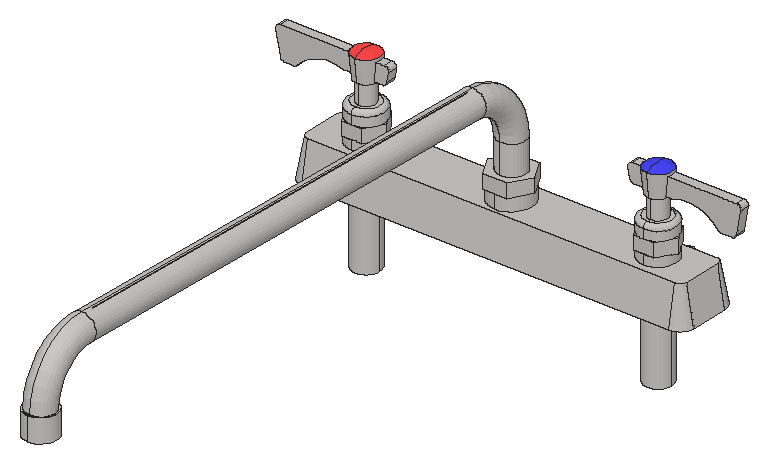
Revit family "Krowne_15-516L_DeckMount_Faucet", category Plumbing Fixtures, Revit 2018
Family settings
  Round Connector Dimension = Use Diameter
  Part Type = Normal
  OmniClass Number = 23.40.40.00
  OmniClass Title = Food Service Equipment and Furnishings
  Work Plane-Based = No
  Always vertical = Yes
  Cut with Voids When Loaded = No
  Shared = No
  Room Calculation Point = No
Parameters (values of type "DefaultType")
  Width = 8 3/8"
  Weight in Pounds = 5
  Watermarked By = ""
  Waste Water Discharge Temperature [instance] = -459.67 °F
  URL Cutsheet = ""
  URL = "https://krowne.com/"
  Status [instance] = ""
  Specification by User [instance] = ""
  Specification by Manufacturer [instance] = ""
  Serial Number [instance] = ""
  Revision Code [instance] = ""
  Plumbing Remarks [instance] = ""
  Plumbing Connection Type = ""
  NAFEM Spec ID Number [instance] = ""
  Model = "15-516L"
  Masterspec [instance] = ""
  Manufacturer = "Krowne Metal"
  KCLRef = "KCL2C9,,0004c597-0000-0000-0000-000000000307,KR,15-516L ,637110199540000000,291bffc9-5ec9-441a-b306-bcf693a935e3,3161770f-7083-4cc2-ba3e-5c63f767a658"
  KCL SpecSheet URL = "http://kclweb.kclcad.com/imagehandler.ashx?kdoc=15-5xxl&R=KR&M=15-516L%20&VC=7&TID=KCLWeb&T=doc"
  Item Number [instance] = "-"
  Installed By [instance] = ""
  Hot Water Temperature = 100 °F
  Hot Water Size = 1/2"
  Hot Water RI Height [instance] = 0"
  Hot Water Minimum Pressure = 0.00 psi
  Hot Water Maximum Pressure = 0.00 psi
  Hot Water Flow = 1.8 GPM
  Hot Water Consumption = 0 GPM
  Hot Water Connection Height = 0"
  Height = 3 3/8"
  Furnished By [instance] = ""
  Foodservice Equipment Identifier = yes
  Description = "Deck Mount Faucet"
  Depth = 1 7/8"
  Cold Water Temperature Recommended = -459.67 °F
  Cold Water Size = 1/2"
  Cold Water RI Height [instance] = 0"
  Cold Water Minimum Pressure = 0.00 psi
  Cold Water Maximum Pressure = 0.00 psi
  Cold Water Flow = 1.8 GPM
  Cold Water Consumption = ""
  Cold Water Connection Height = 0"
  CSI MasterFormat = ""
  Assembly Code = "E1090300"
Reference planes (in)
  plane 1 "BACK": y = 0
  plane 2: z = 0
  plane 3 "LEFT": x = -16.75323
  plane 4 "RIGHT": x = -8.37823
  plane 5 "FRONT": y = -1.875
  plane 6 "TOP": z = 3.375
  plane 7 "CENTER L/R": x = -12.56573
  plane 8 "Top of Body": z = 1.0625
  plane 9: y = -0.9375
  plane 10: z = 2.375
  plane 11: y = -17.0625
  plane 12: z = 4.75
Forms (in)
  Sweep 1, solid, material "QF_Stainless-Polished"
    path origin (-12.56573, 0, 0) x (0, 1, 0) y (0, 0, 1)
      loop
        line (-0.9375, 1.0625) -> (-0.9375, 2.61831)
        arc (-0.9375, 2.61831) -> (-1.3267, 3.57686) -> (-2.27396, 3.99277) r 1.375
        line (-2.27396, 3.99277) -> (-15.64896, 4.36777)
        arc (-15.64896, 4.36777) -> (-16.64605, 3.97912) -> (-17.0625, 2.99331) r 1.375
        line (-17.0625, 2.99331) -> (-17.0625, 2.375)
    profile origin (-12.56573, -0.9375, 1.84041) x (0, -1, 0) y (1, 0, 0)
      loop
        circle (0, 0) r 0.375
      loop
        circle (0, 0) r 0.25
  Extrusion 2, solid, material "QF_Stainless-Polished"
    sketch origin (0, 0, 1.0625) x (0, 1, 0) y (-1, 0, 0)
      loop
        circle (-0.9375, 12.56573) r 0.375
      loop
        circle (-0.9375, 12.56573) r 0.4375
    from 0 to 0.625
  Extrusion 3, solid, material "QF_Stainless-Polished"
    sketch origin (0, 0, 1.0625) x (0, 1, 0) y (-1, 0, 0)
      loop
        circle (-0.9375, 12.56573) r 0.5625
      loop
        circle (-0.9375, 12.56573) r 0.375
    from 0 to 0.375
  Extrusion 4, solid, material "QF_Stainless-Polished"
    sketch origin (0, 0, 1.4375) x (0, 1, 0) y (-1, 0, 0)
      loop
        line (-0.9375, 11.91391) -> (-0.37301, 12.23982) -> (-0.37301, 12.89163) -> (-0.9375, 13.21754) -> (-1.50199, 12.89163) -> (-1.50199, 12.23982) -> (-0.9375, 11.91391)
      loop
        circle (-0.9375, 12.56573) r 0.375
    from 0 to 0.375
  Extrusion 5, solid, material "QF_Stainless-Polished"
    sketch origin (-12.56573, -17.0625, 2.375) x (0, -1, 0) y (-1, 0, 0)
      loop
        circle (0, 0) r 0.375
      loop
        circle (0, 0) r 0.4375
    from 0 to -0.625
Lines and regions (in)
  symbolic lines
    curve 1: line (-12.23982, -0.37301, 0) -> (-12.89163, -0.37301, 0)
    curve 2: line (-12.89163, -0.37301, 0) -> (-13.21754, -0.9375, 0)
    curve 3: line (-13.21754, -0.9375, 0) -> (-12.94073, -1.41696, 0)
    curve 4: line (-12.19073, -1.41696, 0) -> (-11.91391, -0.9375, 0)
    curve 5: line (-11.91391, -0.9375, 0) -> (-12.23982, -0.37301, 0)
    curve 6: arc (-12.56573, -1.3125, 0) -> (-12.94073, -0.9375, 0) -> (-12.56573, -0.5625, 0) r 0.375
    curve 7: arc (-12.56573, -0.5625, 0) -> (-12.19073, -0.9375, 0) -> (-12.56573, -1.3125, 0) r 0.375
    curve 8: arc (-12.94073, -17.0625, 0) -> (-12.83089, -17.32767, 0) -> (-12.56573, -17.4375, 0) r 0.375
    curve 9: arc (-12.56573, -17.4375, 0) -> (-12.30056, -17.32767, 0) -> (-12.19073, -17.0625, 0) r 0.375
    curve 10: line (-12.94073, -17.0625, 0) -> (-12.94073, -0.9375, 0)
    curve 11: line (-12.19073, -0.9375, 0) -> (-12.19073, -17.0625, 0)
Dimensions and locks (in)
  "Width": plane 3 "LEFT" to plane 4 "RIGHT"
  "Depth": plane 5 "FRONT" to plane 1 "BACK"
  "Height": plane 6 "TOP" to plane 2
  plane 8 "Top of Body" to level = 1 1/16"
  equal spacing: plane 5 "FRONT", plane 9, plane 1 "BACK"
  equal spacing: plane 3 "LEFT", plane 7 "CENTER L/R", plane 4 "RIGHT"
  plane 10 to plane 8 "Top of Body" = 1 5/16"
  plane 11 to plane 1 "BACK" = 17 1/16"
  plane 12 to plane 8 "Top of Body" = 3 11/16"
  aligned and locked: level to plane 2
  aligned and locked: plane 9 to Sweep 1 sketch curve
  aligned and locked: Sweep 1 sketch curve to plane 11
  aligned and locked: plane 10 to Sweep 1 sketch curve
Automatic sketch dimensions
  Sweep 1 sketch curve to Sweep 1 sketch curve = 0"  (x2)
  Sweep 1 sketch curve to plane 7 "CENTER L/R" = 0"
  Sweep 1 sketch curve to profile plane = 0"
  Extrusion 2 sketch curve to Extrusion 2 sketch curve = 0"  (x2)
  Extrusion 2 sketch curve to plane 7 "CENTER L/R" = 0"
  plane 9 to Extrusion 2 sketch curve = 0"
  Extrusion 4 sketch curve to Extrusion 4 sketch curve = 0"  (x2)
  Extrusion 4 sketch curve to Extrusion 4 sketch curve = 0.56449"  (x2)
  Extrusion 4 sketch curve to Extrusion 4 sketch curve = 0.32591"  (x5)
  Extrusion 4 sketch curve to Extrusion 4 sketch curve = 0.65182"
  curve 8 to curve 9 = 0"
  plane 9 to curve 2 = 0"
  plane 11 to curve 10 = 0"
  plane 9 to curve 10 = 0"
  curve 6 to plane 7 "CENTER L/R" = 0"
  plane 9 to curve 11 = 0"
  plane 9 to curve 4 = 0"
  plane 9 to curve 6 = 0"
  curve 1 to plane 7 "CENTER L/R" = 0.32591"
  curve 10 to curve 8 = 3/8"
  curve 3 to curve 10 = 0.27682"
  plane 7 "CENTER L/R" to curve 5 = 0.32591"
  curve 11 to curve 4 = 0.27682"
  plane 1 "BACK" to curve 1 = 0.37301"
  curve 3 to curve 6 = 0.10446"
  curve 4 to curve 6 = 0.10446"
  Extrusion 3 sketch curve to Extrusion 3 sketch curve = 0"  (x2)
  Extrusion 3 sketch curve to plane 7 "CENTER L/R" = 0"
  plane 9 to Extrusion 3 sketch curve = 0"
  Sweep 1 sketch curve to plane 8 "Top of Body" = 0"
  Sweep 1 sketch curve to plane 6 "TOP" = 0.38169"
  Sweep 1 sketch curve to plane 12 = 0.38223"
  Sweep 1 sketch curve to Sweep 1 sketch curve = 0.03854"
  plane 5 "FRONT" to Sweep 1 sketch curve = 7/16"
  plane 5 "FRONT" to Sweep 1 sketch curve = 0.39896"
  plane 10 to Sweep 1 sketch curve = 0.24331"
  radius of Sweep 1 sketch curve = 3/8"
  radius of Sweep 1 sketch curve = 1/4"
  radius of Extrusion 2 sketch curve = 3/8"
  radius of Extrusion 2 sketch curve = 7/16"
  radius of Extrusion 4 sketch curve to Extrusion 3 = 0"
  radius of Extrusion 5 sketch curve to Sweep 1 = 0"
  radius of Sweep 1 to Extrusion 5 sketch curve = 1/16"
  radius of Extrusion 3 sketch curve = 9/16"
  radius of Extrusion 3 sketch curve = 3/8"
Nested families (in)
  nested 1: "QF_Krowne_15-5_Body" at (-0.1875, 0, 0), type "QF_Krowne_15-5_Body"
Connectors (in)
  piping at (-16.56573, 0.25, 0.53125), diameter 0.5, driven by "Hot Water Flow", driven by "Hot Water Size"
    settings: on nested 1, index 1, connector inside diameter 24", connector length 0", flow factor 0, pipe flow 1.8 GPM, pressure drop 0.00 psi, fitting loss kfactor 0, connector angle 0.00°, fixture units 0, engagement length 0", angle of deflection 0.00°, flow configuration 1, flow direction 1, fitting loss method 0, system type 19, joint type 0, gender type 0, connector reference index -1, connector utility 0, adjustable connector no, is connector primary yes, connector description "HOT WATER"
  piping at (-8.56573, 0.25, 0.53125), diameter 0.5, driven by "Cold Water Flow", driven by "Cold Water Size"
    settings: on nested 1, index 2, connector inside diameter 24", connector length 0", flow factor 0, pipe flow 1.8 GPM, pressure drop 0.00 psi, fitting loss kfactor 0, connector angle 0.00°, fixture units 0, engagement length 0", angle of deflection 0.00°, flow configuration 1, flow direction 1, fitting loss method 0, system type 20, joint type 0, gender type 0, connector reference index -1, connector utility 0, adjustable connector no, is connector primary no, connector description "COLD WATER"
Definition of nested family "QF_Krowne_15-5_Body"
  Parameters (values of type "QF_Krowne_15-5_Body")
    Width = 12 3/4"
    Watermarked By = ""
    Height = 3 7/8"
    Description = ""
    Depth = 1 13/16"
  Reference planes (in)
    plane 1 "BACK": y = 0
    plane 2: z = 0
    plane 3 "LEFT": x = -18.75323
    plane 4 "RIGHT": x = -6.00323
    plane 5 "TOP": z = 3.1875
    plane 6 "Center": x = -12.37823
    plane 7 "Left of Handle": x = -16.37823
    plane 8 "Right of Handle": x = -8.37823
    plane 9 "Top of Body": z = 1.0625
    plane 10 "FRONT": y = -1.8125
    plane 11: x = -17.78448
    plane 12: x = -6.97198
    plane 13 "Faucet Handle Center": y = -0.90625
    plane 14: y = -0.78125
    plane 15: y = -1.03125
    plane 16: z = 0.53125
    plane 17: z = 3.375
  Forms (in)
    Blend 1, solid
      base sketch origin (0, 0, 0) x (1, 0, 0) y (0, 1, 0)
        loop
          line (-17.40948, -1.8125) -> (-7.34698, -1.8125)
          arc (-7.34698, -1.8125) -> (-7.08181, -1.70267) -> (-6.97198, -1.4375) r 0.375
          line (-6.97198, -1.4375) -> (-6.97198, -0.375)
          arc (-6.97198, -0.375) -> (-7.08181, -0.10983) -> (-7.34698, 0) r 0.375
          line (-7.34698, 0) -> (-17.40948, 0)
          arc (-17.40948, 0) -> (-17.67464, -0.10983) -> (-17.78448, -0.375) r 0.375
          line (-17.78448, -0.375) -> (-17.78448, -1.4375)
          arc (-17.78448, -1.4375) -> (-17.67464, -1.70267) -> (-17.40948, -1.8125) r 0.375
      top sketch origin (0, 0, 0) x (1, 0, 0) y (0, 1, 0)
        loop
          arc (-17.59698, -1.4375) -> (-17.54206, -1.57008) -> (-17.40948, -1.625) r 0.1875
          line (-17.40948, -1.625) -> (-7.34698, -1.625)
          arc (-7.34698, -1.625) -> (-7.21439, -1.57008) -> (-7.15948, -1.4375) r 0.1875
          line (-7.15948, -1.4375) -> (-7.15948, -0.375)
          arc (-7.15948, -0.375) -> (-7.21439, -0.24242) -> (-7.34698, -0.1875) r 0.1875
          line (-7.34698, -0.1875) -> (-17.40948, -0.1875)
          arc (-17.40948, -0.1875) -> (-17.54206, -0.24242) -> (-17.59698, -0.375) r 0.1875
          line (-17.59698, -0.375) -> (-17.59698, -1.4375)
      from 0 to 1.0625
    Extrusion 2, solid
      sketch origin (0, 0, 1.0625) x (0, 1, 0) y (-1, 0, 0)
        loop
          circle (-0.90625, 16.37823) r 0.5
        loop
          circle (-0.90625, 8.37823) r 0.5
      from 0 to 0.25
    Extrusion 3, solid
      sketch origin (0, 0, 1.3125) x (0, 1, 0) y (-1, 0, 0)
        loop
          line (-0.90625, 15.81573) -> (-0.41911, 16.09698) -> (-0.41911, 16.65948) -> (-0.90625, 16.94073) -> (-1.39339, 16.65948) -> (-1.39339, 16.09698) -> (-0.90625, 15.81573)
        loop
          line (-0.90625, 7.81573) -> (-0.41911, 8.09698) -> (-0.41911, 8.65948) -> (-0.90625, 8.94073) -> (-1.39339, 8.65948) -> (-1.39339, 8.09698) -> (-0.90625, 7.81573)
      from 0 to 0.375
    Revolve 4, solid
      sketch origin (-16.37823, 0, 0) x (0, 1, 0) y (0, 0, 1)
        loop
          line (-0.90625, 1.6875) -> (-0.40625, 1.6875) -> (-0.40625, 1.9375)
          arc (-0.40625, 1.9375) -> (-0.44286, 2.02589) -> (-0.53125, 2.0625) r 0.125
          line (-0.53125, 2.0625) -> (-0.90625, 2.0625) -> (-0.90625, 1.6875)
        axis (-0.90625, 1.6875) -> (-0.90625, 2.0625)
      angle from 0 to 360
    Revolve 5, solid
      sketch origin (-8.37823, 0, 0) x (0, 1, 0) y (0, 0, 1)
        loop
          line (-0.90625, 1.6875) -> (-0.40625, 1.6875) -> (-0.40625, 1.9375)
          arc (-0.40625, 1.9375) -> (-0.44286, 2.02589) -> (-0.53125, 2.0625) r 0.125
          line (-0.53125, 2.0625) -> (-0.90625, 2.0625) -> (-0.90625, 1.6875)
        axis (-0.90625, 1.6875) -> (-0.90625, 2.0625)
      angle from 0 to 360
    Revolve 6, solid
      sketch origin (-8.37823, 0, 0) x (0, 1, 0) y (0, 0, 1)
        loop
          line (-0.90625, 2.0625) -> (-0.65625, 2.0625) -> (-0.65625, 2.625) -> (-0.90625, 2.625) -> (-0.90625, 2.0625)
        axis (-0.90625, 2.0625) -> (-0.90625, 2.625)
      angle from 0 to 360
    Revolve 7, solid
      sketch origin (-16.37823, 0, 0) x (0, 1, 0) y (0, 0, 1)
        loop
          line (-0.90625, 2.0625) -> (-0.65625, 2.0625) -> (-0.65625, 2.625) -> (-0.90625, 2.625) -> (-0.90625, 2.0625)
        axis (-0.90625, 2.0625) -> (-0.90625, 2.625)
      angle from 0 to 360
    Revolve 8, solid
      sketch origin (-16.37823, 0, 0) x (0, 1, 0) y (0, 0, 1)
        loop
          line (-0.90625, 2.625) -> (-0.59375, 2.625) -> (-0.53125, 3.25) -> (-0.90625, 3.25) -> (-0.90625, 2.625)
        axis (-0.90625, 2.625) -> (-0.90625, 3.25)
      angle from 0 to 360
    Revolve 9, solid
      sketch origin (-8.37823, 0, 0) x (0, 1, 0) y (0, 0, 1)
        loop
          line (-0.90625, 2.625) -> (-0.59375, 2.625) -> (-0.53125, 3.25) -> (-0.90625, 3.25) -> (-0.90625, 2.625)
        axis (-0.90625, 2.625) -> (-0.90625, 3.25)
      angle from 0 to 360
    Revolve 10, solid
      sketch origin (-16.37823, 0, 0) x (0, 1, 0) y (0, 0, 1)
        loop
          line (-0.90625, 3.25) -> (-0.53125, 3.25)
          arc (-0.53125, 3.25) -> (-0.70704, 3.34763) -> (-0.90625, 3.375) r 0.54601
          line (-0.90625, 3.375) -> (-0.90625, 3.25)
        axis (-0.90625, 3.25) -> (-0.90625, 3.375)
      angle from 0 to 360
    Revolve 11, solid
      sketch origin (-8.37823, 0, 0) x (0, 1, 0) y (0, 0, 1)
        loop
          line (-0.90625, 3.25) -> (-0.53125, 3.25)
          arc (-0.53125, 3.25) -> (-0.70704, 3.34763) -> (-0.90625, 3.375) r 0.54601
          line (-0.90625, 3.375) -> (-0.90625, 3.25)
        axis (-0.90625, 3.25) -> (-0.90625, 3.375)
      angle from 0 to 360
    Extrusion 12, solid
      sketch origin (0, 0, 0) x (1, 0, 0) y (0, 0, 1)
        loop
          circle (-16.37823, 0.53125) r 0.25
        loop
          circle (-8.37823, 0.53125) r 0.25
      from 0.21074 to -0.25
    Extrusion 13, solid
      sketch origin (0, -0.90625, 0) x (1, 0, 0) y (0, 0, 1)
        loop
          arc (-18.62823, 3.1875) -> (-18.72489, 3.14175) -> (-18.7508, 3.03799) r 0.125
          line (-18.7508, 3.03799) -> (-18.62581, 2.41303)
          arc (-18.62581, 2.41303) -> (-18.58249, 2.34087) -> (-18.50324, 2.31254) r 0.125
          line (-18.50324, 2.31254) -> (-18.25335, 2.31254)
          arc (-18.25335, 2.31254) -> (-18.20057, 2.32423) -> (-18.15766, 2.35712) r 0.125
          arc (-18.15766, 2.35712) -> (-17.58494, 2.72229) -> (-16.90628, 2.69449) r 1.13354
          arc (-16.90628, 2.69449) -> (-16.88545, 2.68898) -> (-16.86398, 2.68712) r 0.125
          line (-16.86398, 2.68712) -> (-15.83077, 2.68712)
          arc (-15.83077, 2.68712) -> (-15.75152, 2.71545) -> (-15.7082, 2.78761) r 0.125
          line (-15.7082, 2.78761) -> (-15.65813, 3.03799)
          arc (-15.65813, 3.03799) -> (-15.68403, 3.14175) -> (-15.7807, 3.1875) r 0.125
          line (-15.7807, 3.1875) -> (-18.62823, 3.1875)
        loop
          line (-6.12823, 3.1875) -> (-8.97575, 3.1875)
          arc (-8.97575, 3.1875) -> (-9.07242, 3.14175) -> (-9.09832, 3.03799) r 0.125
          line (-9.09832, 3.03799) -> (-9.04825, 2.78761)
          arc (-9.04825, 2.78761) -> (-9.00493, 2.71545) -> (-8.92568, 2.68712) r 0.125
          line (-8.92568, 2.68712) -> (-7.89247, 2.68712)
          arc (-7.89247, 2.68712) -> (-7.871, 2.68898) -> (-7.85017, 2.69449) r 0.125
          arc (-7.85017, 2.69449) -> (-7.17151, 2.72229) -> (-6.59879, 2.35712) r 1.13354
          arc (-6.59879, 2.35712) -> (-6.55588, 2.32423) -> (-6.5031, 2.31254) r 0.125
          line (-6.5031, 2.31254) -> (-6.25321, 2.31254)
          arc (-6.25321, 2.31254) -> (-6.17396, 2.34087) -> (-6.13064, 2.41303) r 0.125
          line (-6.13064, 2.41303) -> (-6.00565, 3.03799)
          arc (-6.00565, 3.03799) -> (-6.03156, 3.14175) -> (-6.12823, 3.1875) r 0.125
      from -0.125 to 0.125
    Extrusion 14, solid
      sketch origin (0, 0, 0) x (1, 0, 0) y (0, 1, 0)
        loop
          circle (-16.37823, -0.90625) r 0.375
      from 0 to -2
    Extrusion 15, solid
      sketch origin (0, 0, 0) x (1, 0, 0) y (0, 1, 0)
        loop
          circle (-8.37823, -0.90625) r 0.375
      from 0 to -2
  Lines and regions (in)
    symbolic lines
      curve 1: line (-18.75323, -0.78125, 1.0625) -> (-15.6557, -0.78125, 1.0625)
      curve 2: line (-18.75323, -1.03125, 1.0625) -> (-18.75323, -0.78125, 1.0625)
      curve 3: line (-15.6557, -1.03125, 1.0625) -> (-18.75323, -1.03125, 1.0625)
      curve 4: line (-15.6557, -0.78125, 1.0625) -> (-15.6557, -1.03125, 1.0625)
      curve 5: line (-6.00323, -0.78125, 1.0625) -> (-9.10075, -0.78125, 1.0625)
      curve 6: line (-6.00323, -1.03125, 1.0625) -> (-6.00323, -0.78125, 1.0625)
      curve 7: line (-9.10075, -1.03125, 1.0625) -> (-6.00323, -1.03125, 1.0625)
      curve 8: line (-9.10075, -0.78125, 1.0625) -> (-9.10075, -1.03125, 1.0625)
      curve 9: line (-7.34698, 0, 1.0625) -> (-17.40948, 0, 1.0625)
      curve 10: line (-6.97198, -1.4375, 1.0625) -> (-6.97198, -1.03125, 1.0625)
      curve 11: line (-17.40948, -1.8125, 1.0625) -> (-7.34698, -1.8125, 1.0625)
      curve 12: line (-17.78448, -0.375, 1.0625) -> (-17.78448, -0.78125, 1.0625)
      curve 13: line (-17.78448, -1.03125, 1.0625) -> (-17.78448, -1.4375, 1.0625)
      curve 14: line (-6.97198, -0.78125, 1.0625) -> (-6.97198, -0.375, 1.0625)
      curve 15: line (-16.65948, -0.41911, 1.0625) -> (-16.86856, -0.78125, 1.0625)
      curve 16: line (-16.65948, -0.41911, 1.0625) -> (-16.09698, -0.41911, 1.0625)
      curve 17: line (-16.09698, -0.41911, 1.0625) -> (-15.88789, -0.78125, 1.0625)
      curve 18: line (-16.09698, -1.39339, 1.0625) -> (-16.65948, -1.39339, 1.0625)
      curve 19: line (-16.65948, -1.39339, 1.0625) -> (-16.86856, -1.03125, 1.0625)
      curve 20: line (-16.09698, -1.39339, 1.0625) -> (-15.88789, -1.03125, 1.0625)
      curve 21: line (-8.65948, -0.41911, 1.0625) -> (-8.09698, -0.41911, 1.0625)
      curve 22: line (-8.09698, -0.41911, 1.0625) -> (-7.88789, -0.78125, 1.0625)
      curve 23: line (-8.65948, -0.41911, 1.0625) -> (-8.86856, -0.78125, 1.0625)
      curve 24: line (-8.09698, -1.39339, 1.0625) -> (-8.65948, -1.39339, 1.0625)
      curve 25: line (-8.65948, -1.39339, 1.0625) -> (-8.86856, -1.03125, 1.0625)
      curve 26: line (-8.09698, -1.39339, 1.0625) -> (-7.88789, -1.03125, 1.0625)
      curve 27: arc (-17.78448, -0.375, 1.0625) -> (-17.67464, -0.10983, 1.0625) -> (-17.40948, 0, 1.0625) r 0.375
      curve 28: arc (-6.97198, -0.375, 1.0625) -> (-7.08181, -0.10983, 1.0625) -> (-7.34698, 0, 1.0625) r 0.375
      curve 29: arc (-6.97198, -1.4375, 1.0625) -> (-7.08181, -1.70267, 1.0625) -> (-7.34698, -1.8125, 1.0625) r 0.375
      curve 30: arc (-17.40948, -1.8125, 1.0625) -> (-17.67464, -1.70267, 1.0625) -> (-17.78448, -1.4375, 1.0625) r 0.375
      curve 31: line (-7.34698, -0.1875, 1.0625) -> (-17.40948, -0.1875, 1.0625)
      curve 32: arc (-17.40948, -0.1875, 1.0625) -> (-17.54206, -0.24242, 1.0625) -> (-17.59698, -0.375, 1.0625) r 0.1875
      curve 33: arc (-17.59698, -1.4375, 1.0625) -> (-17.54206, -1.57008, 1.0625) -> (-17.40948, -1.625, 1.0625) r 0.1875
      curve 34: line (-17.40948, -1.625, 1.0625) -> (-7.34698, -1.625, 1.0625)
      curve 35: arc (-7.34698, -1.625, 1.0625) -> (-7.21439, -1.57008, 1.0625) -> (-7.15948, -1.4375, 1.0625) r 0.1875
      curve 36: arc (-7.15948, -0.375, 1.0625) -> (-7.21439, -0.24242, 1.0625) -> (-7.34698, -0.1875, 1.0625) r 0.1875
      curve 37: line (-7.15948, -0.375, 1.0625) -> (-7.15948, -0.78125, 1.0625)
      curve 38: line (-7.15948, -1.4375, 1.0625) -> (-7.15948, -1.03125, 1.0625)
      curve 39: line (-17.59698, -1.4375, 1.0625) -> (-17.59698, -1.03125, 1.0625)
      curve 40: line (-17.59698, -0.375, 1.0625) -> (-17.59698, -0.78125, 1.0625)
  Dimensions and locks (in)
    "Width": plane 3 "LEFT" to plane 4 "RIGHT"
    plane 9 "Top of Body" to level = 1 1/16"
    equal spacing: plane 10 "FRONT", plane 13 "Faucet Handle Center", plane 1 "BACK"
    equal spacing: plane 15, plane 13 "Faucet Handle Center", plane 14
    locked: plane 15 to plane 14 at 0.25
    equal spacing: plane 9 "Top of Body", plane 16, level
    "Depth": plane 10 "FRONT" to plane 1 "BACK"
    plane 5 "TOP" to level = 3 3/16"
    plane 17 to level = 3 3/8"
    plane 7 "Left of Handle" to plane 8 "Right of Handle" = 8"
    equal spacing: plane 7 "Left of Handle", plane 6 "Center", plane 8 "Right of Handle"
    locked: plane 3 "LEFT" to plane 11 at 0.96875
    locked: plane 12 to plane 4 "RIGHT" at 0.96875
    aligned and locked: level to plane 2
    aligned and locked: plane 9 "Top of Body" to Blend 1
    aligned and locked: Extrusion 3 to Revolve 5 sketch curve
    aligned and locked: Revolve 8 sketch curve to Revolve 8 sketch curve
    aligned and locked: Revolve 9 sketch curve to Revolve 9 sketch curve
    aligned and locked: plane 4 "RIGHT" to curve 6
    aligned and locked: curve 12 to plane 11
    aligned and locked: plane 10 "FRONT" to Blend 1 sketch curve
    aligned and locked: Blend 1 sketch curve to plane 11
    aligned and locked: plane 10 "FRONT" to curve 11
    aligned and locked: plane 13 "Faucet Handle Center" to Revolve 5 sketch curve
    aligned and locked: Extrusion 13 to plane 14
    aligned and locked: plane 15 to Extrusion 13
  Automatic sketch dimensions
    Extrusion 2 sketch curve to plane 8 "Right of Handle" = 0"
    plane 13 "Faucet Handle Center" to Extrusion 2 sketch curve = 0"  (x2)
    Extrusion 2 sketch curve to plane 7 "Left of Handle" = 0"
    Revolve 4 sketch curve to plane 13 "Faucet Handle Center" = 0"  (x2)
    Revolve 4 sketch curve to Revolve 4 sketch curve = 3/8"
    Revolve 4 sketch curve to Revolve 4 sketch curve = 1/8"
    plane 9 "Top of Body" to Revolve 4 sketch curve = 5/8"
    Revolve 4 sketch curve to Revolve 4 sketch curve = 1/4"
    Revolve 4 sketch curve to Revolve 4 sketch curve = 0"  (x2)
    Revolve 5 sketch curve to plane 13 "Faucet Handle Center" = 0"
    Revolve 5 sketch curve to Revolve 5 sketch curve = 3/8"
    Revolve 5 sketch curve to Revolve 5 sketch curve = 1/8"
    Revolve 5 sketch curve to Revolve 5 sketch curve = 0"  (x2)
    Revolve 5 sketch curve to Revolve 5 sketch curve = 1/4"
    Revolve 6 sketch curve to plane 13 "Faucet Handle Center" = 0"  (x2)
    Revolve 6 sketch curve to plane 13 "Faucet Handle Center" = 1/4"
    plane 9 "Top of Body" to Revolve 6 sketch curve = 1"
    Revolve 6 sketch curve to Revolve 6 sketch curve = 9/16"
    Revolve 6 sketch curve to Revolve 6 sketch curve = 3/8"
    Revolve 6 sketch curve to Revolve 6 sketch curve = 0"
    Revolve 7 sketch curve to plane 13 "Faucet Handle Center" = 0"  (x2)
    Revolve 7 sketch curve to Revolve 7 sketch curve = 1/4"
    plane 9 "Top of Body" to Revolve 7 sketch curve = 1"
    Revolve 7 sketch curve to Revolve 7 sketch curve = 9/16"
    Revolve 7 sketch curve to Revolve 7 sketch curve = 3/8"
    Revolve 7 sketch curve to Revolve 7 sketch curve = 0"
    Revolve 8 sketch curve to plane 13 "Faucet Handle Center" = 0"
    Revolve 8 sketch curve to Revolve 8 sketch curve = 5/16"
    plane 5 "TOP" to Revolve 8 sketch curve = 1/16"
    Revolve 8 sketch curve to Revolve 8 sketch curve = 3/8"
    Revolve 8 sketch curve to plane 5 "TOP" = 9/16"
    Revolve 8 sketch curve to Revolve 8 sketch curve = 0"  (x2)
    Revolve 9 sketch curve to plane 13 "Faucet Handle Center" = 0"
    Revolve 9 sketch curve to plane 13 "Faucet Handle Center" = 5/16"
    plane 5 "TOP" to Revolve 9 sketch curve = 1/16"
    Revolve 9 sketch curve to plane 13 "Faucet Handle Center" = 3/8"
    Revolve 9 sketch curve to plane 5 "TOP" = 9/16"
    Revolve 9 sketch curve to Revolve 9 sketch curve = 0"  (x2)
    Revolve 10 sketch curve to plane 13 "Faucet Handle Center" = 0"  (x2)
    Revolve 10 sketch curve to plane 13 "Faucet Handle Center" = 0.02655"
    plane 5 "TOP" to Revolve 10 sketch curve = 1/16"
    Revolve 10 sketch curve to Revolve 10 sketch curve = 3/8"
    Revolve 10 sketch curve to plane 5 "TOP" = 0.35786"
    Revolve 10 sketch curve to Revolve 10 sketch curve = 0"  (x2)
    Revolve 11 sketch curve to plane 13 "Faucet Handle Center" = 0"  (x2)
    Revolve 11 sketch curve to plane 13 "Faucet Handle Center" = 0.02655"
    plane 5 "TOP" to Revolve 11 sketch curve = 1/16"
    Revolve 11 sketch curve to Revolve 11 sketch curve = 3/8"
    Revolve 11 sketch curve to plane 5 "TOP" = 0.35786"
    Revolve 11 sketch curve to Revolve 11 sketch curve = 0"  (x2)
    Extrusion 12 sketch curve to plane 7 "Left of Handle" = 0"
    Extrusion 12 sketch curve to plane 8 "Right of Handle" = 0"
    Extrusion 12 sketch curve to plane 16 = 0"  (x2)
    plane 11 to Blend 1 sketch curve = 3/8"
    Blend 1 sketch curve to Blend 1 sketch curve = 3/8"
    plane 1 "BACK" to Blend 1 sketch curve = 3/8"  (x2)
    Blend 1 sketch curve to plane 12 = 3/8"
    Blend 1 sketch curve to plane 12 = 3/16"
    Blend 1 sketch curve to Blend 1 sketch curve = 3/16"  (x4)
    plane 11 to Blend 1 sketch curve = 3/16"
    Blend 1 sketch curve to plane 10 "FRONT" = 3/8"
    plane 1 "BACK" to Blend 1 sketch curve = 0"
    Blend 1 sketch curve to plane 12 = 0"
    curve 27 to curve 32 = 0"  (x2)
    curve 28 to curve 36 = 0"  (x2)
    curve 29 to curve 35 = 0"  (x2)
    curve 30 to curve 33 = 0"  (x2)
    curve 30 to plane 11 = 0"
    curve 29 to plane 12 = 0"
    plane 15 to curve 4 = 0"
    plane 15 to curve 26 = 0"
    plane 14 to curve 40 = 0"
    plane 14 to curve 23 = 0"
    curve 14 to plane 12 = 0"
    plane 1 "BACK" to curve 9 = 0"
    curve 34 to plane 10 "FRONT" = 3/16"
    curve 33 to curve 33 = 3/16"
    curve 34 to curve 35 = 3/16"
    plane 15 to curve 26 = 0.36214"
    plane 15 to curve 20 = 0.36214"
    curve 17 to plane 14 = 0.36214"
    curve 23 to plane 14 = 0.36214"
    curve 27 to curve 27 = 3/8"
    plane 1 "BACK" to curve 14 = 3/8"
    curve 31 to curve 28 = 3/16"
    plane 8 "Right of Handle" to curve 22 = 9/32"
    plane 8 "Right of Handle" to curve 24 = 9/32"
    curve 24 to plane 8 "Right of Handle" = 9/32"
    curve 21 to plane 8 "Right of Handle" = 9/32"
    curve 21 to curve 8 = 0.44128"
    plane 7 "Left of Handle" to curve 4 = 0.72253"
    plane 7 "Left of Handle" to curve 20 = 9/32"
    plane 7 "Left of Handle" to curve 17 = 9/32"
    curve 19 to plane 7 "Left of Handle" = 9/32"
    curve 16 to plane 7 "Left of Handle" = 9/32"
    curve 2 to plane 3 "LEFT" = 0"
    curve 22 to curve 21 = 0.20908"
    curve 26 to curve 22 = 0"
    curve 23 to curve 5 = 0.2322"
    curve 25 to curve 7 = 0.2322"
    curve 3 to curve 20 = 0.2322"
    curve 1 to curve 17 = 0.2322"
    curve 18 to curve 19 = 0.20908"
    curve 15 to curve 19 = 0"
    Extrusion 3 sketch curve to Extrusion 3 sketch curve = 0"
    Extrusion 3 sketch curve to Extrusion 3 sketch curve = 0.48714"  (x6)
    Extrusion 3 sketch curve to Extrusion 3 sketch curve = 9/32"  (x6)
    Extrusion 3 sketch curve to Extrusion 3 sketch curve = 9/16"  (x4)
    Extrusion 3 sketch curve to Extrusion 3 sketch curve = 6 7/8"
    Extrusion 13 sketch curve to plane 5 "TOP" = 0"  (x2)
    Extrusion 13 sketch curve to plane 7 "Left of Handle" = 2.37257"
    Extrusion 13 sketch curve to plane 7 "Left of Handle" = 2 1/4"
    Extrusion 13 sketch curve to plane 7 "Left of Handle" = 2.24759"
    Extrusion 13 sketch curve to plane 7 "Left of Handle" = 2 1/8"
    Extrusion 13 sketch curve to Extrusion 13 sketch curve = 0.24989"
    plane 9 "Top of Body" to Extrusion 13 sketch curve = 0.56533"  (x2)
    Extrusion 13 sketch curve to Extrusion 13 sketch curve = 0.96348"
    Extrusion 13 sketch curve to plane 5 "TOP" = 0.50038"  (x2)
    Extrusion 13 sketch curve to Extrusion 13 sketch curve = 0.42589"  (x2)
    Extrusion 13 sketch curve to Extrusion 13 sketch curve = 1.03321"  (x2)
    Extrusion 13 sketch curve to plane 5 "TOP" = 1/8"  (x2)
    Extrusion 13 sketch curve to Extrusion 13 sketch curve = 0.05007"  (x2)
    Extrusion 13 sketch curve to plane 5 "TOP" = 0.39989"  (x2)
    Extrusion 13 sketch curve to Extrusion 13 sketch curve = 0.12257"  (x3)
    Extrusion 13 sketch curve to plane 5 "TOP" = 0.14951"  (x4)
    plane 6 "Center" to Extrusion 13 sketch curve = 3.2799"
    plane 8 "Right of Handle" to Extrusion 13 sketch curve = 1.87513"
    plane 8 "Right of Handle" to Extrusion 13 sketch curve = 2 1/8"
    plane 8 "Right of Handle" to Extrusion 13 sketch curve = 2.24759"
    plane 8 "Right of Handle" to Extrusion 13 sketch curve = 2 1/4"
    Extrusion 13 sketch curve to plane 5 "TOP" = 0.87496"
    Extrusion 13 sketch curve to Extrusion 13 sketch curve = 0.74996"
    Extrusion 13 sketch curve to Extrusion 13 sketch curve = 0.10049"  (x2)
    Extrusion 13 sketch curve to Extrusion 13 sketch curve = 1/8"  (x4)
    Extrusion 13 sketch curve to Extrusion 13 sketch curve = 0"  (x2)
    Extrusion 14 sketch curve to plane 7 "Left of Handle" = 0"
    plane 13 "Faucet Handle Center" to Extrusion 14 sketch curve = 0"
    Extrusion 15 sketch curve to plane 8 "Right of Handle" = 0"
    plane 13 "Faucet Handle Center" to Extrusion 15 sketch curve = 0"
    radius of Extrusion 2 sketch curve = 1/2"  (x2)
    radius of Extrusion 12 sketch curve = 1/4"  (x2)
    radius of Extrusion 14 sketch curve = 3/8"
    radius of Extrusion 15 sketch curve = 3/8"
